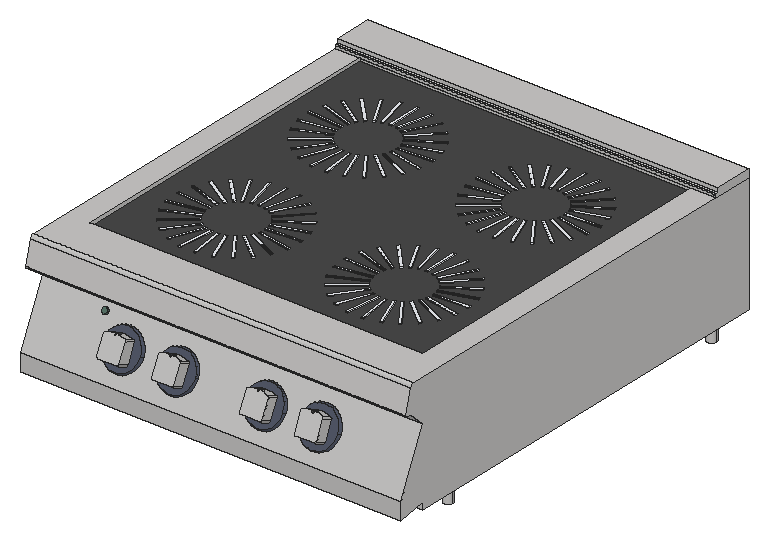
Revit family "QF_ZANUSSI_392045_Z9IREH4000", category Specialty Equipment, Revit 2018
Family settings
  Round Connector Dimension = Use Diameter
  Part Type = Normal
  Work Plane-Based = No
  Always vertical = Yes
  Cut with Voids When Loaded = No
  Shared = No
  Room Calculation Point = No
Parameters
  Width = 800 mm  # constant formula
  Weight in Pounds = 69  # constant formula
  Weight = 0.00 kg
  Watts = 0 W
  Volts = 400 V  # constant formula
  URL Manufacturer = "http://www.zanussiprofessional.com"
  URL Cutsheet = "www.electrolux.com/foodservice"
  URL = "http://www.zanussiprofessional.com"
  Type Mark [instance] = ""
  Steam Supply Size = 0"
  Steam Supply Minimum Pressure = 0.00 psi
  Steam Supply Maximum Pressure = 0.00 psi
  Steam Pounds per Hour = 0
  Status [instance] = ""
  Specification by User [instance] = ""
  Specification by Manufacturer = ""
  Show Logo [instance] = yes
  Show Clearance [instance] = yes
  Serial Number = ""
  Seismic Rating = ""
  SMACNA No = ""
  Revision Code [instance] = ""
  Refrigeration Suction Line Size = 0"
  Refrigeration Liquid Line Size = 0"
  Refrigerant Compressor Remote = yes
  Phase = 3  # constant formula
  Omniclass Number and Title = ""
  Number of Poles [instance] = 1
  NAFEM Spec ID Number = ""
  Model = "Z9IREH4000"
  Min Ckt Ampacity = 0 A
  Max Overcurrent Protection = 0 A
  Masterspec = ""
  Manufacturer = "Zanussi"
  Length Actual = 800 mm  # constant formula
  Item Number [instance] = "392045"
  Installed By [instance] = ""
  Identify Quantity as Lot [instance] = yes
  Hot Water Size = 0"
  Height Actual = 250 mm  # constant formula
  Height = 290 mm  # constant formula
  HP = "18.2 HP"
  Gas Size = 0"
  Gas KW = 0
  Gas Input Pressure = 0.0 Btu/h
  Furnished By [instance] = ""
  Foodservice Equipment Identifier [instance] = yes
  FL Amps = if(Phase = 3, Watts / (Volts * 1.73), Watts / Volts)  # 0 A
  Electrical Remarks [instance] = "400 V/3 ph/50/60 Hz"  # constant formula
  Electric Connection Type [instance] = ""
  Elec Conn RI Height [instance] = 0 mm
  Elec Conn Connection Height [instance] = 0 mm
  Direct Waste Size = 0"
  Description = "ELECTRIC INFRARED COOKING TOP 800 MM"
  Depth Actual = 900 mm  # constant formula
  Depth = 915 mm  # constant formula
  Cycle = if([60 Hertz Option], 60 Hz, 50 Hz)  # 60 Hz
  Conn Plug = ""
  Conn Conduit = yes
  Condensate Return Size = 0"
  Compressed Air Volume = 0 GPM
  Compressed Air Size = 0"
  Compressed Air Pressure = 0.00 psi
  Cold Water Size = 0"
  CSI MasterFormat = ""
  CSI Master Format = ""
  Base Height [instance] = 24 mm  # constant formula
  Apparent Power = if(Phase = 3, Volts * FL Amps * 1.73, Volts * FL Amps)  # 0 VA
  Accessory = yes
  60 Hertz Option = not([50 Hertz Option])  # yes
  50 Hertz Option = no
Reference planes
  plane 1 "BACK": y = 0
  plane 2: z = 0
  plane 3 "LEFT": x = 0
  plane 4 "RIGHT": x = 800
  plane 5 "FRONT": y = -915
  plane 6 "TOP": z = 290
  plane 7 "Center Y": x = 400
  plane 8 "Center X": y = -450
  plane 9 "BASE": z = 24
  plane 10 "TOP A": z = 274
  plane 11: y = -790
  plane 12: y = -82
  plane 13: z = 55
  plane 14: y = 39
Forms (mm)
  Extrusion 1, solid, material "QF_Finishes_Stainless Steel"
    sketch origin (0, 0, 0) x (0, 1, 0) y (0, 0, 1)
      loop
        line (0, 24) -> (0, 274) -> (-879.358, 274)
        arc (-879.358, 274) -> (-884.643, 271.811) -> (-886.833, 266.526) r 7.474
        line (-886.833, 266.526) -> (-899.884, 221.011)
        arc (-899.884, 221.011) -> (-899.396, 218.379) -> (-897, 217.184) r 3
        line (-897, 217.184) -> (-886.802, 217.184) -> (-854.982, 185.364) -> (-915, 64.508) -> (-915, 29.508) -> (-858.645, 37.428)
        arc (-858.645, 37.428) -> (-856.101, 36.674) -> (-855, 34.259) r 3.2
        line (-855, 34.259) -> (-855, 24) -> (0, 24)
    from 0 to 800
  Extrusion 2, void
    sketch origin (0, 0, 274) x (-1, 0, 0) y (0, -1, 0)
      loop
        line (-50, 85) -> (-50, 795) -> (-750, 795) -> (-750, 85) -> (-50, 85)
    from 0 to -6.35
  Extrusion 3, solid, material "QF_Finishes_Stainless Steel"
    sketch origin (0, 0, 0) x (1, 0, 0) y (0, 1, 0)
      loop
        circle (11.112, -82) r 9.525
      loop
        circle (788.887, -82) r 9.525
    from 0 to 24
  Extrusion 4, solid, material "QF_Clearances", visible <- "Show Clearance", detail levels coarse
    sketch origin (0, 0, 0) x (1, 0, 0) y (0, 1, 0)
      loop
        line (0, -915) -> (0, 0) -> (800, 0) -> (800, -915) -> (950.019, -915) -> (950.019, 150.019) -> (-150.019, 150.019) -> (-150.019, -915) -> (0, -915)
    from 0 to 290
  Extrusion 5, solid, material "QF_Finishes_Stainless Steel"
    sketch origin (0, -192.116, 267.65) x (-1, 0, 0) y (0, -1, 0)
      loop
        circle (-11.112, 582.884) r 9.525
      loop
        circle (-788.887, 582.884) r 9.525
    from -267.65 to -243.65
  Extrusion 6, solid, material "QF_Finishes_Stainless Steel"
    sketch origin (800, 0, 0) x (0, 1, 0) y (0, 0, 1)
      loop
        line (0, 290) -> (-80, 290) -> (-80, 282.447)
        arc (-80, 282.447) -> (-80.635, 280.914) -> (-82.167, 280.279) r 2.167
        line (-82.167, 280.279) -> (-83.733, 280.279)
        arc (-83.733, 280.279) -> (-84.629, 279.908) -> (-85, 279.012) r 1.267
        line (-85, 279.012) -> (-85, 274) -> (0, 274) -> (0, 290)
    from -800 to 0
  Revolve 7, solid, material "QF_Finishes_Stainless Steel"
    sketch origin (740, 0, 0) x (0, 1, 0) y (0, 0, 1)
      loop
        line (0, 55) -> (39, 55) -> (39, 71.995) -> (5, 71.995) -> (5, 65) -> (0, 65) -> (0, 55)
      axis (39, 55) -> (0, 55)
    angle from 0 to 360
  Blend 8, solid, material "QF_Finishes_Navy Blue"
    base sketch origin (192.5, -884.991, 124.936) x (1, 0, 0) y (0, 0.444781, 0.895639)
      loop
        circle (0, 0) r 42.5
    top sketch origin (192.5, -884.991, 124.936) x (1, 0, 0) y (0, 0.444781, 0.895639)
      loop
        circle (0, 0) r 40.5
    from 0 to 5
  Extrusion 9, solid, material "QF_Finishes_Stainless Steel"
    sketch origin (192.5, -884.991, 124.936) x (1, 0, 0) y (0, 0.444781, 0.895639)
      loop
        arc (-21.147, 22.789) -> (-22.494, 21.685) -> (-23, 20.019) r 2.997
        line (-23, 20.019) -> (-23, -20.019)
        arc (-23, -20.019) -> (-22.122, -22.138) -> (-20.003, -23.016) r 2.997
        line (-20.003, -23.016) -> (20.003, -23.016)
        arc (20.003, -23.016) -> (22.122, -22.138) -> (23, -20.019) r 2.997
        line (23, -20.019) -> (23, 20.019)
        arc (23, 20.019) -> (22.494, 21.685) -> (21.147, 22.789) r 2.997
        arc (21.147, 22.789) -> (0, 26.984) -> (-21.147, 22.789) r 55.4
    from 10 to 34
  Extrusion 10, solid, material "QF_Plastic-Black-Matte"
    sketch origin (250, -884.991, 124.936) x (0, 0.444781, 0.895639) y (0, -0.895639, 0.444781)
      loop
        line (26.984, 34) -> (26.984, 19) -> (27.984, 19) -> (27.984, 34)
        arc (27.984, 34) -> (27.691, 34.707) -> (26.984, 35) r 1
        line (26.984, 35) -> (23.984, 35) -> (23.984, 34) -> (26.984, 34)
    from -58.5 to -56.5
  Extrusion 11, solid, material "QF_Finishes_DarkGreen"
    sketch origin (192.5, -862.752, 169.718) x (1, 0, 0) y (0, 0.444781, 0.895639)
      loop
        circle (-55.001, 0) r 6
    from 0 to 1.6
  Extrusion 12, solid, material "QF_Finishes_Stainless Steel"
    sketch origin (192.5, -884.991, 124.936) x (1, 0, 0) y (0, 0.444781, 0.895639)
      loop
        line (17.5, 17.5) -> (-17.5, 17.5) -> (-17.5, -17.5) -> (17.5, -17.5) -> (17.5, 17.5)
    from 5 to 10
  Blend 13, solid, material "QF_Finishes_Navy Blue"
    base sketch origin (307.5, -884.991, 124.936) x (1, 0, 0) y (0, 0.444781, 0.895639)
      loop
        circle (0, 0) r 42.5
    top sketch origin (307.5, -884.991, 124.936) x (1, 0, 0) y (0, 0.444781, 0.895639)
      loop
        circle (0, 0) r 40.5
    from 0 to 5
  Extrusion 14, solid, material "QF_Finishes_Stainless Steel"
    sketch origin (307.5, -884.991, 124.936) x (1, 0, 0) y (0, 0.444781, 0.895639)
      loop
        arc (-21.147, 22.789) -> (-22.494, 21.685) -> (-23, 20.019) r 2.997
        line (-23, 20.019) -> (-23, -20.019)
        arc (-23, -20.019) -> (-22.122, -22.138) -> (-20.003, -23.016) r 2.997
        line (-20.003, -23.016) -> (20.003, -23.016)
        arc (20.003, -23.016) -> (22.122, -22.138) -> (23, -20.019) r 2.997
        line (23, -20.019) -> (23, 20.019)
        arc (23, 20.019) -> (22.494, 21.685) -> (21.147, 22.789) r 2.997
        arc (21.147, 22.789) -> (0, 26.984) -> (-21.147, 22.789) r 55.4
    from 10 to 34
  Extrusion 15, solid, material "QF_Finishes_Stainless Steel"
    sketch origin (307.5, -884.991, 124.936) x (1, 0, 0) y (0, 0.444781, 0.895639)
      loop
        line (17.5, 17.5) -> (-17.5, 17.5) -> (-17.5, -17.5) -> (17.5, -17.5) -> (17.5, 17.5)
    from 5 to 10
  Extrusion 16, solid, material "QF_Plastic-Black-Matte"
    sketch origin (250, -884.991, 124.936) x (0, 0.444781, 0.895639) y (0, 0.895639, -0.444781)
      loop
        line (26.984, -34) -> (23.984, -34) -> (23.984, -35) -> (26.984, -35)
        arc (26.984, -35) -> (27.691, -34.707) -> (27.984, -34) r 1
        line (27.984, -34) -> (27.984, -19) -> (26.984, -19) -> (26.984, -34)
    from -58.5 to -56.5
  Blend 17, solid, material "QF_Finishes_Navy Blue"
    base sketch origin (492.5, -884.991, 124.936) x (1, 0, 0) y (0, 0.444781, 0.895639)
      loop
        circle (0, 0) r 42.5
    top sketch origin (492.5, -884.991, 124.936) x (1, 0, 0) y (0, 0.444781, 0.895639)
      loop
        circle (0, 0) r 40.5
    from 0 to 5
  Extrusion 18, solid, material "QF_Finishes_Stainless Steel"
    sketch origin (492.5, -884.991, 124.936) x (1, 0, 0) y (0, 0.444781, 0.895639)
      loop
        arc (-21.147, 22.789) -> (-22.494, 21.685) -> (-23, 20.019) r 2.997
        line (-23, 20.019) -> (-23, -20.019)
        arc (-23, -20.019) -> (-22.122, -22.138) -> (-20.003, -23.016) r 2.997
        line (-20.003, -23.016) -> (20.003, -23.016)
        arc (20.003, -23.016) -> (22.122, -22.138) -> (23, -20.019) r 2.997
        line (23, -20.019) -> (23, 20.019)
        arc (23, 20.019) -> (22.494, 21.685) -> (21.147, 22.789) r 2.997
        arc (21.147, 22.789) -> (0, 26.984) -> (-21.147, 22.789) r 55.4
    from 10 to 34
  Extrusion 19, solid, material "QF_Plastic-Black-Matte"
    sketch origin (550, -884.991, 124.936) x (0, 0.444781, 0.895639) y (0, -0.895639, 0.444781)
      loop
        line (26.984, 34) -> (26.984, 19) -> (27.984, 19) -> (27.984, 34)
        arc (27.984, 34) -> (27.691, 34.707) -> (26.984, 35) r 1
        line (26.984, 35) -> (23.984, 35) -> (23.984, 34) -> (26.984, 34)
    from -58.5 to -56.5
  Extrusion 20, solid, material "QF_Finishes_Stainless Steel"
    sketch origin (492.5, -884.991, 124.936) x (1, 0, 0) y (0, 0.444781, 0.895639)
      loop
        line (17.5, 17.5) -> (-17.5, 17.5) -> (-17.5, -17.5) -> (17.5, -17.5) -> (17.5, 17.5)
    from 5 to 10
  Blend 21, solid, material "QF_Finishes_Navy Blue"
    base sketch origin (607.5, -884.991, 124.936) x (1, 0, 0) y (0, 0.444781, 0.895639)
      loop
        circle (0, 0) r 42.5
    top sketch origin (607.5, -884.991, 124.936) x (1, 0, 0) y (0, 0.444781, 0.895639)
      loop
        circle (0, 0) r 40.5
    from 0 to 5
  Extrusion 22, solid, material "QF_Finishes_Stainless Steel"
    sketch origin (607.5, -884.991, 124.936) x (1, 0, 0) y (0, 0.444781, 0.895639)
      loop
        arc (-21.147, 22.789) -> (-22.494, 21.685) -> (-23, 20.019) r 2.997
        line (-23, 20.019) -> (-23, -20.019)
        arc (-23, -20.019) -> (-22.122, -22.138) -> (-20.003, -23.016) r 2.997
        line (-20.003, -23.016) -> (20.003, -23.016)
        arc (20.003, -23.016) -> (22.122, -22.138) -> (23, -20.019) r 2.997
        line (23, -20.019) -> (23, 20.019)
        arc (23, 20.019) -> (22.494, 21.685) -> (21.147, 22.789) r 2.997
        arc (21.147, 22.789) -> (0, 26.984) -> (-21.147, 22.789) r 55.4
    from 10 to 34
  Extrusion 23, solid, material "QF_Finishes_Stainless Steel"
    sketch origin (607.5, -884.991, 124.936) x (1, 0, 0) y (0, 0.444781, 0.895639)
      loop
        line (17.5, 17.5) -> (-17.5, 17.5) -> (-17.5, -17.5) -> (17.5, -17.5) -> (17.5, 17.5)
    from 5 to 10
  Extrusion 24, solid, material "QF_Plastic-Black-Matte"
    sketch origin (550, -884.991, 124.936) x (0, 0.444781, 0.895639) y (0, 0.895639, -0.444781)
      loop
        line (26.984, -34) -> (23.984, -34) -> (23.984, -35) -> (26.984, -35)
        arc (26.984, -35) -> (27.691, -34.707) -> (27.984, -34) r 1
        line (27.984, -34) -> (27.984, -19) -> (26.984, -19) -> (26.984, -34)
    from -58.5 to -56.5
Cuts and joins
  Extrusion 2 cuts Extrusion 1
Lines and regions (mm)
  Split face 1
    outline origin (192.401, -889.469, 127.16) x (1, 0, 0) y (0, 0.444781, 0.895639)
      loop
        line (-8.901, 38.561) -> (-8.901, 28.561) -> (-2.901, 28.561) -> (-2.901, 38.561) -> (-8.901, 38.561)
  Split face 2
    outline origin (192.401, -889.469, 127.16) x (1, 0, 0) y (0, 0.444781, 0.895639)
      loop
        line (-8.401, 38.061) -> (-8.401, 29.061) -> (-3.401, 29.061) -> (-3.401, 38.061) -> (-8.401, 38.061)
  Split face 3
    outline origin (192.401, -889.469, 127.16) x (1, 0, 0) y (0, 0.444781, 0.895639)
      loop
        line (-8.401, 34.061) -> (-3.401, 34.061)
  Split face 4
    outline origin (192.401, -889.469, 127.16) x (1, 0, 0) y (0, 0.444781, 0.895639)
      loop
        line (-8.401, 33.561) -> (-3.401, 33.561)
  Split face 5
    outline origin (192.401, -889.469, 127.16) x (1, 0, 0) y (0, 0.444781, 0.895639)
      loop
        circle (-5.901, 31.311) r 2.029
  Split face 6
    outline origin (192.5, -889.469, 127.16) x (0, -0.444781, -0.895639) y (1, 0, 0)
      loop
        circle (-34, 0) r 1.5
  Split face 7
    outline origin (307.5, -889.469, 127.16) x (0, -0.444781, -0.895639) y (1, 0, 0)
      loop
        circle (-34, 0) r 1.5
  Split face 8
    outline origin (301.5, -889.469, 127.16) x (1, 0, 0) y (0, 0.444781, 0.895639)
      loop
        line (-3, 38.561) -> (-3, 28.561) -> (3, 28.561) -> (3, 38.561) -> (-3, 38.561)
  Split face 9
    outline origin (301.5, -889.469, 127.16) x (1, 0, 0) y (0, 0.444781, 0.895639)
      loop
        line (-2.5, 38.061) -> (-2.5, 29.061) -> (2.5, 29.061) -> (2.5, 38.061) -> (-2.5, 38.061)
  Split face 10
    outline origin (301.5, -889.469, 127.16) x (1, 0, 0) y (0, 0.444781, 0.895639)
      loop
        line (-2.5, 33.561) -> (2.5, 33.561)
  Split face 11
    outline origin (301.5, -889.469, 127.16) x (1, 0, 0) y (0, 0.444781, 0.895639)
      loop
        line (-2.5, 33.061) -> (2.5, 33.061)
  Split face 12
    outline origin (301.5, -889.469, 127.16) x (1, 0, 0) y (0, 0.444781, 0.895639)
      loop
        circle (0, 35.811) r 2.031
  Split face 13
    outline origin (192.5, -889.469, 127.16) x (0.5, 0.385192, 0.775646) y (-0.866025, 0.222391, 0.44782)
      loop
        circle (-34, 0) r 1.5
  Split face 14
    outline origin (192.5, -889.469, 127.16) x (0.766044, -0.2859, -0.575706) y (0.642788, 0.340722, 0.686099)
      loop
        circle (-34, 0) r 1.5
  Split face 15
    outline origin (192.5, -889.469, 127.16) x (0.984808, 0.077235, 0.155526) y (-0.173648, 0.438024, 0.882032)
      loop
        circle (-34, 0) r 1.5
  Split face 16
    outline origin (192.5, -889.469, 127.16) x (0.984808, 0.077235, 0.155526) y (0.173648, -0.438024, -0.882032)
      loop
        circle (31.95, 11.629) r 1.5
  Split face 17
    outline origin (192.5, -889.469, 127.16) x (-0.5, 0.385192, 0.775646) y (0.866025, 0.222391, 0.44782)
      loop
        circle (-34, 0) r 1.5
  Split face 18
    outline origin (192.5, -889.469, 127.16) x (-0.766044, -0.2859, -0.575706) y (-0.642788, 0.340722, 0.686099)
      loop
        circle (-34, 0) r 1.5
  Split face 19
    outline origin (307.5, -889.469, 127.16) x (0.5, 0.385192, 0.775646) y (-0.866025, 0.222391, 0.44782)
      loop
        circle (-34, 0) r 1.5
  Split face 20
    outline origin (307.5, -889.469, 127.16) x (0.766044, -0.2859, -0.575706) y (0.642788, 0.340722, 0.686099)
      loop
        circle (-34, 0) r 1.5
  Split face 21
    outline origin (307.5, -889.469, 127.16) x (0.984808, 0.077235, 0.155526) y (-0.173648, 0.438024, 0.882032)
      loop
        circle (-34, 0) r 1.5
  Split face 22
    outline origin (307.5, -889.469, 127.16) x (-0.5, 0.385192, 0.775646) y (0.866025, 0.222391, 0.44782)
      loop
        circle (-34, 0) r 1.5
  Split face 23
    outline origin (307.5, -889.469, 127.16) x (-0.766044, -0.2859, -0.575706) y (-0.642788, 0.340722, 0.686099)
      loop
        circle (-34, 0) r 1.5
  Split face 24
    outline origin (307.5, -889.469, 127.16) x (-0.984808, 0.077235, 0.155526) y (0.173648, 0.438024, 0.882032)
      loop
        circle (-34, 0) r 1.5
  Split face 25
    outline origin (492.401, -889.469, 127.16) x (1, 0, 0) y (0, 0.444781, 0.895639)
      loop
        line (-8.901, 38.561) -> (-8.901, 28.561) -> (-2.901, 28.561) -> (-2.901, 38.561) -> (-8.901, 38.561)
  Split face 26
    outline origin (492.401, -889.469, 127.16) x (1, 0, 0) y (0, 0.444781, 0.895639)
      loop
        line (-8.401, 38.061) -> (-8.401, 29.061) -> (-3.401, 29.061) -> (-3.401, 38.061) -> (-8.401, 38.061)
  Split face 27
    outline origin (492.401, -889.469, 127.16) x (1, 0, 0) y (0, 0.444781, 0.895639)
      loop
        line (-8.401, 34.061) -> (-3.401, 34.061)
  Split face 28
    outline origin (492.401, -889.469, 127.16) x (1, 0, 0) y (0, 0.444781, 0.895639)
      loop
        line (-8.401, 33.561) -> (-3.401, 33.561)
  Split face 29
    outline origin (492.401, -889.469, 127.16) x (1, 0, 0) y (0, 0.444781, 0.895639)
      loop
        circle (-5.901, 31.311) r 2.029
  Split face 30
    outline origin (492.5, -889.469, 127.16) x (0, -0.444781, -0.895639) y (1, 0, 0)
      loop
        circle (-34, 0) r 1.5
  Split face 31
    outline origin (607.5, -889.469, 127.16) x (0, -0.444781, -0.895639) y (1, 0, 0)
      loop
        circle (-34, 0) r 1.5
  Split face 32
    outline origin (601.5, -889.469, 127.16) x (1, 0, 0) y (0, 0.444781, 0.895639)
      loop
        line (-3, 38.561) -> (-3, 28.561) -> (3, 28.561) -> (3, 38.561) -> (-3, 38.561)
  Split face 33
    outline origin (601.5, -889.469, 127.16) x (1, 0, 0) y (0, 0.444781, 0.895639)
      loop
        line (-2.5, 38.061) -> (-2.5, 29.061) -> (2.5, 29.061) -> (2.5, 38.061) -> (-2.5, 38.061)
  Split face 34
    outline origin (601.5, -889.469, 127.16) x (1, 0, 0) y (0, 0.444781, 0.895639)
      loop
        line (-2.5, 33.561) -> (2.5, 33.561)
  Split face 35
    outline origin (601.5, -889.469, 127.16) x (1, 0, 0) y (0, 0.444781, 0.895639)
      loop
        line (-2.5, 33.061) -> (2.5, 33.061)
  Split face 36
    outline origin (601.5, -889.469, 127.16) x (1, 0, 0) y (0, 0.444781, 0.895639)
      loop
        circle (0, 35.811) r 2.031
  Split face 37
    outline origin (492.5, -889.469, 127.16) x (0.5, 0.385192, 0.775646) y (-0.866025, 0.222391, 0.44782)
      loop
        circle (-34, 0) r 1.5
  Split face 38
    outline origin (492.5, -889.469, 127.16) x (0.766044, -0.2859, -0.575706) y (0.642788, 0.340722, 0.686099)
      loop
        circle (-34, 0) r 1.5
  Split face 39
    outline origin (492.5, -889.469, 127.16) x (0.984808, 0.077235, 0.155526) y (-0.173648, 0.438024, 0.882032)
      loop
        circle (-34, 0) r 1.5
  Split face 40
    outline origin (492.5, -889.469, 127.16) x (0.984808, 0.077235, 0.155526) y (0.173648, -0.438024, -0.882032)
      loop
        circle (31.95, 11.629) r 1.5
  Split face 41
    outline origin (492.5, -889.469, 127.16) x (-0.5, 0.385192, 0.775646) y (0.866025, 0.222391, 0.44782)
      loop
        circle (-34, 0) r 1.5
  Split face 42
    outline origin (492.5, -889.469, 127.16) x (-0.766044, -0.2859, -0.575706) y (-0.642788, 0.340722, 0.686099)
      loop
        circle (-34, 0) r 1.5
  Split face 43
    outline origin (607.5, -889.469, 127.16) x (0.5, 0.385192, 0.775646) y (-0.866025, 0.222391, 0.44782)
      loop
        circle (-34, 0) r 1.5
  Split face 44
    outline origin (607.5, -889.469, 127.16) x (0.766044, -0.2859, -0.575706) y (0.642788, 0.340722, 0.686099)
      loop
        circle (-34, 0) r 1.5
  Split face 45
    outline origin (607.5, -889.469, 127.16) x (0.984808, 0.077235, 0.155526) y (-0.173648, 0.438024, 0.882032)
      loop
        circle (-34, 0) r 1.5
  Split face 46
    outline origin (607.5, -889.469, 127.16) x (-0.5, 0.385192, 0.775646) y (0.866025, 0.222391, 0.44782)
      loop
        circle (-34, 0) r 1.5
  Split face 47
    outline origin (607.5, -889.469, 127.16) x (-0.766044, -0.2859, -0.575706) y (-0.642788, 0.340722, 0.686099)
      loop
        circle (-34, 0) r 1.5
  Split face 48
    outline origin (607.5, -889.469, 127.16) x (-0.984808, 0.077235, 0.155526) y (0.173648, 0.438024, 0.882032)
      loop
        circle (-34, 0) r 1.5
  symbolic lines, style "QF_Clearances", visible <- "Show Clearance", detail levels coarse
    curve 1: line (-150.019, 150.019, 274) -> (-150.019, -916.377, 274)
    curve 2: line (950.019, 150.019, 274) -> (-150.019, 150.019, 274)
    curve 3: line (950.019, -916.377, 274) -> (950.019, 150.019, 274)
  symbolic lines
    curve 4: line (0, 0, 274) -> (800, 0, 274)
    curve 5: line (0, -915, 274) -> (0, 0, 274)
    curve 6: line (800, 0, 274) -> (800, -915, 274)
    curve 7: line (726.512, -348.642, 267.65) -> (738.006, -348.642, 267.65)
    curve 8: line (726.512, -380.898, 267.65) -> (726.512, -348.642, 267.65)
    curve 9: line (738.006, -380.898, 267.65) -> (726.512, -380.898, 267.65)
    curve 10: line (738.006, -348.642, 267.65) -> (738.006, -380.898, 267.65)
    curve 11: line (50, -795, 267.65) -> (50, -110, 267.65)
    curve 12: line (50, -110, 267.65) -> (750, -110, 267.65)
    curve 13: line (750, -110, 267.65) -> (750, -795, 267.65)
    curve 14: line (750, -795, 267.65) -> (50, -795, 267.65)
    curve 15: line (0, -85, 267.65) -> (800, -85, 267.65)
    curve 16: line (0, -80, 267.65) -> (800, -80, 267.65)
    curve 17: line (0, -900, 0) -> (800, -900, 0)
    curve 18: line (169.5, -900, 0) -> (169.5, -924.347, 0)
    curve 19: arc (169.5, -924.347, 0) -> (169.646, -924.811, 0) -> (170.032, -925.107, 0) r 0.809
    curve 20: arc (170.032, -925.107, 0) -> (171.22, -925.587, 0) -> (172.497, -925.68, 0) r 4.127
    curve 21: arc (169.5, -904.292, 0) -> (164.459, -902.458, 0) -> (159.691, -900, 0) r 42.24
    curve 22: arc (169.5, -906.539, 0) -> (170.002, -905.818, 0) -> (170.799, -905.448, 0) r 1.682
    curve 23: arc (170.799, -905.448, 0) -> (181.102, -903.95, 0) -> (191.5, -903.441, 0) r 109.079
    curve 24: line (191.5, -900, 0) -> (191.5, -905.671, 0)
    curve 25: line (191.5, -905.671, 0) -> (193.5, -905.671, 0)
    curve 26: line (193.5, -905.671, 0) -> (193.5, -900, 0)
    curve 27: line (215.5, -900, 0) -> (215.5, -924.347, 0)
    curve 28: arc (215.5, -924.347, 0) -> (215.354, -924.811, 0) -> (214.968, -925.107, 0) r 0.809
    curve 29: arc (214.968, -925.107, 0) -> (213.78, -925.587, 0) -> (212.503, -925.68, 0) r 4.127
    curve 30: arc (215.5, -904.292, 0) -> (220.541, -902.458, 0) -> (225.309, -900, 0) r 42.24
    curve 31: arc (215.5, -906.539, 0) -> (214.998, -905.818, 0) -> (214.201, -905.448, 0) r 1.682
    curve 32: arc (214.201, -905.448, 0) -> (203.898, -903.95, 0) -> (193.5, -903.441, 0) r 109.079
    curve 33: line (172.497, -925.68, 0) -> (212.503, -925.68, 0)
    curve 34: line (330.5, -900, 0) -> (330.5, -924.347, 0)
    curve 35: arc (330.5, -924.347, 0) -> (330.354, -924.811, 0) -> (329.968, -925.107, 0) r 0.809
    curve 36: arc (329.968, -925.107, 0) -> (328.78, -925.587, 0) -> (327.503, -925.68, 0) r 4.127
    curve 37: arc (330.5, -904.292, 0) -> (335.541, -902.458, 0) -> (340.309, -900, 0) r 42.24
    curve 38: arc (330.5, -906.539, 0) -> (329.998, -905.818, 0) -> (329.201, -905.448, 0) r 1.682
    curve 39: arc (329.201, -905.448, 0) -> (318.898, -903.95, 0) -> (308.5, -903.441, 0) r 109.079
    curve 40: line (308.5, -900, 0) -> (308.5, -905.671, 0)
    curve 41: line (308.5, -905.671, 0) -> (306.5, -905.671, 0)
    curve 42: line (306.5, -905.671, 0) -> (306.5, -900, 0)
    curve 43: line (284.5, -900, 0) -> (284.5, -924.347, 0)
    curve 44: arc (284.5, -924.347, 0) -> (284.646, -924.811, 0) -> (285.032, -925.107, 0) r 0.809
    curve 45: arc (285.032, -925.107, 0) -> (286.22, -925.587, 0) -> (287.497, -925.68, 0) r 4.127
    curve 46: arc (284.5, -904.292, 0) -> (279.459, -902.458, 0) -> (274.691, -900, 0) r 42.24
    curve 47: arc (284.5, -906.539, 0) -> (285.002, -905.818, 0) -> (285.799, -905.448, 0) r 1.682
    curve 48: arc (285.799, -905.448, 0) -> (296.102, -903.95, 0) -> (306.5, -903.441, 0) r 109.079
    curve 49: line (327.503, -925.68, 0) -> (287.497, -925.68, 0)
    curve 50: line (215.5, -915, 0) -> (284.5, -915, 0)
    curve 51: line (330.5, -915, 0) -> (469.5, -915, 0)
    curve 52: line (0, -915, 0) -> (169.5, -915, 0)
    curve 53: line (469.5, -900, 0) -> (469.5, -924.347, 0)
    curve 54: arc (469.5, -924.347, 0) -> (469.646, -924.811, 0) -> (470.032, -925.107, 0) r 0.809
    curve 55: arc (470.032, -925.107, 0) -> (471.22, -925.587, 0) -> (472.497, -925.68, 0) r 4.127
    curve 56: arc (469.5, -904.292, 0) -> (464.459, -902.458, 0) -> (459.691, -900, 0) r 42.24
    curve 57: arc (469.5, -906.539, 0) -> (470.002, -905.818, 0) -> (470.799, -905.448, 0) r 1.682
    curve 58: arc (470.799, -905.448, 0) -> (481.102, -903.95, 0) -> (491.5, -903.441, 0) r 109.079
    curve 59: line (491.5, -900, 0) -> (491.5, -905.671, 0)
    curve 60: line (491.5, -905.671, 0) -> (493.5, -905.671, 0)
    curve 61: line (493.5, -905.671, 0) -> (493.5, -900, 0)
    curve 62: line (515.5, -900, 0) -> (515.5, -924.347, 0)
    curve 63: arc (515.5, -924.347, 0) -> (515.354, -924.811, 0) -> (514.968, -925.107, 0) r 0.809
    curve 64: arc (514.968, -925.107, 0) -> (513.78, -925.587, 0) -> (512.503, -925.68, 0) r 4.127
    curve 65: arc (515.5, -904.292, 0) -> (520.541, -902.458, 0) -> (525.309, -900, 0) r 42.24
    curve 66: arc (515.5, -906.539, 0) -> (514.998, -905.818, 0) -> (514.201, -905.448, 0) r 1.682
    curve 67: arc (514.201, -905.448, 0) -> (503.898, -903.95, 0) -> (493.5, -903.441, 0) r 109.079
    curve 68: line (472.497, -925.68, 0) -> (512.503, -925.68, 0)
    curve 69: line (630.5, -900, 0) -> (630.5, -924.347, 0)
    curve 70: arc (630.5, -924.347, 0) -> (630.354, -924.811, 0) -> (629.968, -925.107, 0) r 0.809
    curve 71: arc (629.968, -925.107, 0) -> (628.78, -925.587, 0) -> (627.503, -925.68, 0) r 4.127
    curve 72: arc (630.5, -904.292, 0) -> (635.541, -902.458, 0) -> (640.309, -900, 0) r 42.24
    curve 73: arc (630.5, -906.539, 0) -> (629.998, -905.818, 0) -> (629.201, -905.448, 0) r 1.682
    curve 74: arc (629.201, -905.448, 0) -> (618.898, -903.95, 0) -> (608.5, -903.441, 0) r 109.079
    curve 75: line (608.5, -900, 0) -> (608.5, -905.671, 0)
    curve 76: line (608.5, -905.671, 0) -> (606.5, -905.671, 0)
    curve 77: line (606.5, -905.671, 0) -> (606.5, -900, 0)
    curve 78: line (584.5, -900, 0) -> (584.5, -924.347, 0)
    curve 79: arc (584.5, -924.347, 0) -> (584.646, -924.811, 0) -> (585.032, -925.107, 0) r 0.809
    curve 80: arc (585.032, -925.107, 0) -> (586.22, -925.587, 0) -> (587.497, -925.68, 0) r 4.127
    curve 81: arc (584.5, -904.292, 0) -> (579.459, -902.458, 0) -> (574.691, -900, 0) r 42.24
    curve 82: arc (584.5, -906.539, 0) -> (585.002, -905.818, 0) -> (585.799, -905.448, 0) r 1.682
    curve 83: arc (585.799, -905.448, 0) -> (596.102, -903.95, 0) -> (606.5, -903.441, 0) r 109.079
    curve 84: line (627.503, -925.68, 0) -> (587.497, -925.68, 0)
    curve 85: line (515.5, -915, 0) -> (584.5, -915, 0)
    curve 86: line (630.5, -915, 0) -> (800.05, -915, 0)
Dimensions and locks
  equal spacing: plane 3 "LEFT", plane 7 "Center Y", plane 4 "RIGHT"
  "Width": plane 3 "LEFT" to plane 4 "RIGHT"
  plane 5 "FRONT" to plane 8 "Center X" to plane 1 "BACK" = 465 mm, 450 mm
  "Depth": plane 5 "FRONT" to plane 1 "BACK"
  "Height": plane 6 "TOP" to level
  "Base Height": plane 9 "BASE" to level
  plane 1 "BACK" to plane 5 "FRONT" = 915 mm
  plane 10 "TOP A" to plane 9 "BASE" = 250 mm  (x2)
  locked: plane 5 "FRONT" to Extrusion 2 sketch curve at 120
  plane 1 "BACK" to plane 12 = 82 mm
  locked: plane 12 to plane 11 at 708
  plane 6 "TOP" to level = 290 mm
  plane 9 "BASE" to level = 24 mm
  plane 11 to plane 12 to plane 1 "BACK" = 708 mm, 82 mm
  plane 9 "BASE" to plane 2 = 24 mm
  plane 13 to plane 2 = 55 mm
  plane 1 "BACK" to plane 14 = 39 mm
  aligned and locked: level to plane 2
  aligned and locked: plane 4 "RIGHT" to Extrusion 1
  aligned and locked: Extrusion 3 to plane 9 "BASE"
  aligned and locked: plane 6 "TOP" to Extrusion 4
  aligned and locked: plane 9 "BASE" to Extrusion 5
  aligned and locked: Extrusion 6 to plane 3 "LEFT"
  aligned and locked: plane 4 "RIGHT" to Extrusion 6
  aligned and locked: Extrusion 5 to level
Automatic sketch dimensions
  plane 12 to Extrusion 2 sketch curve = 3 mm
  Extrusion 2 sketch curve to plane 4 "RIGHT" = 50 mm
  plane 3 "LEFT" to Extrusion 2 sketch curve = 50 mm
  plane 12 to Extrusion 3 sketch curve = 0 mm  (x2)
  plane 3 "LEFT" to Extrusion 3 sketch curve = 11.112 mm
  Extrusion 3 sketch curve to plane 4 "RIGHT" = 11.113 mm
  plane 1 "BACK" to Extrusion 4 sketch curve = 0 mm
  Extrusion 4 sketch curve to plane 3 "LEFT" = 0 mm
  Extrusion 4 sketch curve to plane 4 "RIGHT" = 0 mm
  Extrusion 4 sketch curve to plane 3 "LEFT" = 150.019 mm
  plane 5 "FRONT" to Extrusion 4 sketch curve = 0 mm  (x2)
  plane 4 "RIGHT" to Extrusion 4 sketch curve = 150.019 mm
  Extrusion 4 sketch curve to plane 14 = 111.019 mm
  curve 6 to plane 4 "RIGHT" = 0 mm
  curve 5 to plane 3 "LEFT" = 0 mm
  plane 1 "BACK" to curve 5 = 0 mm
  plane 4 "RIGHT" to curve 3 = 150.019 mm
  plane 5 "FRONT" to curve 1 = 1.377 mm
  curve 1 to plane 3 "LEFT" = 150.019 mm
  curve 1 to plane 14 = 111.019 mm
  plane 5 "FRONT" to curve 3 = 1.377 mm
  Extrusion 2 to curve 15 = 0 mm
  curve 14 to Extrusion 2 = 0 mm  (x3)
  Extrusion 2 to curve 16 = 5 mm
  Extrusion 2 to curve 16 = 50 mm  (x2)
  curve 15 to curve 16 = 0 mm  (x2)
  curve 10 to Extrusion 2 = 11.994 mm
  curve 9 to curve 8 = 11.495 mm
  curve 13 to Extrusion 2 = 25 mm
  curve 12 to curve 7 = 238.642 mm
  curve 7 to curve 9 = 32.256 mm
  Extrusion 2 to Extrusion 5 sketch curve = 38.887 mm
  Extrusion 2 to Extrusion 5 sketch curve = 38.888 mm
  Extrusion 5 sketch curve to Extrusion 2 = 20 mm  (x2)
  Extrusion 6 sketch curve to plane 10 "TOP A" = 0 mm
  Extrusion 6 sketch curve to plane 6 "TOP" = 0 mm
  Extrusion 6 sketch curve to plane 1 "BACK" = 0 mm
  Extrusion 6 sketch curve to plane 12 = 2 mm
  plane 12 to Extrusion 6 sketch curve = 0.167 mm
  Extrusion 6 sketch curve to Extrusion 6 sketch curve = 1.566 mm
  plane 12 to Extrusion 6 sketch curve = 3 mm
  Extrusion 6 sketch curve to Extrusion 6 sketch curve = 5.012 mm
  Revolve 7 sketch curve to plane 13 = 0 mm  (x2)
  Revolve 7 sketch curve to plane 1 "BACK" = 0 mm
  Revolve 7 sketch curve to plane 14 = 0 mm
  plane 1 "BACK" to Revolve 7 sketch curve = 15 mm
  Revolve 7 sketch curve to Revolve 7 sketch curve = 15 mm
  Revolve 7 sketch curve to plane 1 "BACK" = 5 mm
  plane 13 to Revolve 7 sketch curve = 10 mm
  Revolve 7 sketch curve to Revolve 7 sketch curve = 6.995 mm
  Extrusion 1 sketch curve to plane 10 "TOP A" = 0 mm
  Extrusion 1 sketch curve to plane 9 "BASE" = 0 mm
  plane 9 "BASE" to Extrusion 1 sketch curve = 5.508 mm
  plane 5 "FRONT" to Extrusion 1 sketch curve = 0 mm
  Extrusion 1 sketch curve to plane 10 "TOP A" = 52.989 mm
  Extrusion 1 sketch curve to Extrusion 1 sketch curve = 15.116 mm
  Extrusion 1 sketch curve to Extrusion 1 sketch curve = 2.884 mm
  Extrusion 1 sketch curve to plane 10 "TOP A" = 7.474 mm
  Extrusion 1 sketch curve to Extrusion 1 sketch curve = 13.051 mm
  Extrusion 1 sketch curve to Extrusion 1 sketch curve = 10.198 mm
  plane 9 "BASE" to Extrusion 1 sketch curve = 13.428 mm
  Extrusion 1 sketch curve to Extrusion 1 sketch curve = 56.355 mm
  Extrusion 1 sketch curve to Extrusion 1 sketch curve = 0.445 mm
  Extrusion 1 sketch curve to Extrusion 1 sketch curve = 3.2 mm
  Extrusion 1 sketch curve to plane 10 "TOP A" = 88.636 mm
  Extrusion 1 sketch curve to Extrusion 1 sketch curve = 31.82 mm
  Extrusion 1 sketch curve to plane 11 = 790 mm
  plane 13 to Extrusion 1 sketch curve = 9.508 mm
  Extrusion 1 sketch curve to Extrusion 1 sketch curve = 3.827 mm
  Split face 1 sketch curve to Split face 1 sketch curve = 6 mm
  Split face 1 sketch curve to Split face 1 sketch curve = 10 mm
  Split face 2 sketch curve to Split face 2 sketch curve = 5 mm
  Split face 2 sketch curve to Split face 2 sketch curve = 9 mm
  Split face 3 sketch curve to Split face 3 sketch curve = 5 mm
  Split face 4 sketch curve to Split face 4 sketch curve = 5 mm
  Split face 8 sketch curve to Split face 8 sketch curve = 6 mm
  Split face 8 sketch curve to Split face 8 sketch curve = 10 mm
  Split face 9 sketch curve to Split face 9 sketch curve = 5 mm
  Split face 9 sketch curve to Split face 9 sketch curve = 9 mm
  Split face 10 sketch curve to Split face 10 sketch curve = 5 mm
  Split face 11 sketch curve to Split face 11 sketch curve = 5 mm
  Split face 25 sketch curve to Split face 25 sketch curve = 6 mm
  Split face 25 sketch curve to Split face 25 sketch curve = 10 mm
  Split face 26 sketch curve to Split face 26 sketch curve = 5 mm
  Split face 26 sketch curve to Split face 26 sketch curve = 9 mm
  Split face 27 sketch curve to Split face 27 sketch curve = 5 mm
  Split face 28 sketch curve to Split face 28 sketch curve = 5 mm
  Split face 32 sketch curve to Split face 32 sketch curve = 6 mm
  Split face 32 sketch curve to Split face 32 sketch curve = 10 mm
  Split face 33 sketch curve to Split face 33 sketch curve = 5 mm
  Split face 33 sketch curve to Split face 33 sketch curve = 9 mm
  Split face 34 sketch curve to Split face 34 sketch curve = 5 mm
  Split face 35 sketch curve to Split face 35 sketch curve = 5 mm
  plane 3 "LEFT" to Blend 8 sketch curve = 192.5 mm  (x2)
  plane 3 "LEFT" to Extrusion 9 sketch curve = 169.5 mm
  Extrusion 9 sketch curve to Extrusion 9 sketch curve = 2.997 mm  (x3)
  Extrusion 9 sketch curve to Extrusion 9 sketch curve = 20.003 mm  (x2)
  Extrusion 9 sketch curve to Extrusion 9 sketch curve = 40.005 mm
  Extrusion 9 sketch curve to Extrusion 9 sketch curve = 5.399 mm
  Extrusion 9 sketch curve to Extrusion 9 sketch curve = 40.037 mm
  Extrusion 9 sketch curve to Extrusion 9 sketch curve = 0 mm  (x2)
  Extrusion 10 sketch curve to plane 5 "FRONT" = 9.329 mm
  plane 13 to Extrusion 10 sketch curve = 106.984 mm
  Extrusion 10 sketch curve to Extrusion 10 sketch curve = 3 mm
  Extrusion 10 sketch curve to Extrusion 10 sketch curve = 0 mm  (x2)
  Extrusion 10 sketch curve to Extrusion 10 sketch curve = 1 mm
  Extrusion 10 sketch curve to Extrusion 10 sketch curve = 15 mm
  plane 3 "LEFT" to Extrusion 11 sketch curve = 137.499 mm
  plane 3 "LEFT" to Extrusion 12 sketch curve = 175 mm
  Extrusion 12 sketch curve to Extrusion 12 sketch curve = 35 mm  (x2)
  Blend 13 sketch curve to plane 7 "Center Y" = 92.5 mm  (x2)
  Extrusion 14 sketch curve to plane 7 "Center Y" = 115.5 mm
  Extrusion 14 sketch curve to Extrusion 14 sketch curve = 2.997 mm  (x3)
  Extrusion 14 sketch curve to Extrusion 14 sketch curve = 20.003 mm  (x2)
  Extrusion 14 sketch curve to Extrusion 14 sketch curve = 40.005 mm
  Extrusion 14 sketch curve to Extrusion 14 sketch curve = 5.399 mm
  Extrusion 14 sketch curve to Extrusion 14 sketch curve = 40.037 mm
  Extrusion 14 sketch curve to Extrusion 14 sketch curve = 0 mm  (x2)
  Extrusion 15 sketch curve to plane 7 "Center Y" = 110 mm
  Extrusion 15 sketch curve to Extrusion 15 sketch curve = 35 mm  (x2)
  Extrusion 16 sketch curve to plane 5 "FRONT" = 9.329 mm
  plane 13 to Extrusion 16 sketch curve = 106.984 mm
  Extrusion 16 sketch curve to Extrusion 16 sketch curve = 3 mm
  Extrusion 16 sketch curve to Extrusion 16 sketch curve = 0 mm
  Extrusion 16 sketch curve to Extrusion 16 sketch curve = 1 mm  (x2)
  Extrusion 16 sketch curve to Extrusion 16 sketch curve = 15 mm
  plane 7 "Center Y" to Blend 17 sketch curve = 92.5 mm  (x2)
  plane 7 "Center Y" to Extrusion 18 sketch curve = 69.5 mm
  Extrusion 18 sketch curve to Extrusion 18 sketch curve = 2.997 mm  (x3)
  Extrusion 18 sketch curve to Extrusion 18 sketch curve = 20.003 mm  (x2)
  Extrusion 18 sketch curve to Extrusion 18 sketch curve = 40.005 mm
  Extrusion 18 sketch curve to Extrusion 18 sketch curve = 5.399 mm
  Extrusion 18 sketch curve to Extrusion 18 sketch curve = 40.037 mm
  Extrusion 18 sketch curve to Extrusion 18 sketch curve = 0 mm  (x2)
  Extrusion 19 sketch curve to plane 5 "FRONT" = 9.329 mm
  plane 13 to Extrusion 19 sketch curve = 106.984 mm
  Extrusion 19 sketch curve to Extrusion 19 sketch curve = 3 mm
  Extrusion 19 sketch curve to Extrusion 19 sketch curve = 0 mm  (x2)
  Extrusion 19 sketch curve to Extrusion 19 sketch curve = 1 mm
  Extrusion 19 sketch curve to Extrusion 19 sketch curve = 15 mm
  plane 7 "Center Y" to Extrusion 20 sketch curve = 75 mm
  Extrusion 20 sketch curve to Extrusion 20 sketch curve = 35 mm  (x2)
  Blend 21 sketch curve to plane 4 "RIGHT" = 192.5 mm  (x2)
  plane 7 "Center Y" to Extrusion 22 sketch curve = 184.5 mm
  Extrusion 22 sketch curve to Extrusion 22 sketch curve = 2.997 mm  (x3)
  Extrusion 22 sketch curve to Extrusion 22 sketch curve = 20.003 mm  (x2)
  Extrusion 22 sketch curve to Extrusion 22 sketch curve = 40.005 mm
  Extrusion 22 sketch curve to Extrusion 22 sketch curve = 5.399 mm
  Extrusion 22 sketch curve to Extrusion 22 sketch curve = 40.037 mm
  Extrusion 22 sketch curve to Extrusion 22 sketch curve = 0 mm  (x2)
  plane 7 "Center Y" to Extrusion 23 sketch curve = 190 mm
  Extrusion 23 sketch curve to Extrusion 23 sketch curve = 35 mm  (x2)
  Extrusion 24 sketch curve to plane 5 "FRONT" = 9.329 mm
  plane 13 to Extrusion 24 sketch curve = 106.984 mm
  Extrusion 24 sketch curve to Extrusion 24 sketch curve = 3 mm
  Extrusion 24 sketch curve to Extrusion 24 sketch curve = 0 mm
  Extrusion 24 sketch curve to Extrusion 24 sketch curve = 1 mm  (x2)
  Extrusion 24 sketch curve to Extrusion 24 sketch curve = 15 mm
  plane 5 "FRONT" to curve 6 = 0 mm
  plane 5 "FRONT" to curve 5 = 0 mm
  curve 17 to plane 3 "LEFT" = 0 mm
  curve 52 to plane 3 "LEFT" = 0 mm
  plane 5 "FRONT" to curve 52 = 0 mm
  plane 5 "FRONT" to curve 50 = 0 mm
  plane 5 "FRONT" to curve 51 = 0 mm
  plane 5 "FRONT" to curve 85 = 0 mm
  plane 5 "FRONT" to curve 86 = 0 mm
  curve 17 to plane 4 "RIGHT" = 0 mm
  plane 3 "LEFT" to curve 19 = 170.309 mm
  curve 19 to curve 22 = 0.774 mm
  curve 19 to curve 20 = 1.846 mm
  curve 22 to curve 21 = 10.309 mm
  curve 19 to curve 23 = 21.322 mm
  curve 23 to curve 32 = 1.738 mm
  curve 21 to curve 30 = 22.215 mm
  plane 5 "FRONT" to curve 29 = 6.567 mm
  curve 29 to curve 31 = 1.071 mm
  curve 28 to curve 44 = 70.617 mm
  curve 44 to curve 47 = 0.774 mm
  curve 44 to curve 45 = 1.846 mm
  curve 47 to curve 46 = 10.309 mm
  curve 44 to curve 48 = 21.322 mm
  curve 48 to curve 39 = 1.738 mm
  curve 46 to curve 37 = 22.215 mm
  plane 5 "FRONT" to curve 36 = 6.567 mm
  curve 36 to curve 38 = 1.071 mm
  plane 7 "Center Y" to curve 54 = 70.309 mm
  curve 57 to plane 5 "FRONT" = 7.894 mm
  curve 54 to curve 57 = 0.774 mm
  curve 54 to curve 55 = 1.846 mm
  curve 57 to curve 56 = 10.309 mm
  curve 54 to curve 58 = 21.322 mm
  curve 58 to curve 67 = 1.738 mm
  curve 56 to curve 65 = 22.215 mm
  plane 5 "FRONT" to curve 64 = 6.567 mm
  curve 64 to curve 66 = 1.071 mm
  curve 63 to curve 79 = 70.617 mm
  curve 79 to curve 82 = 0.774 mm
  curve 79 to curve 80 = 1.846 mm
  curve 82 to curve 81 = 10.309 mm
  curve 79 to curve 83 = 21.322 mm
  curve 83 to curve 74 = 1.738 mm
  curve 81 to curve 72 = 22.215 mm
  plane 5 "FRONT" to curve 71 = 6.567 mm
  curve 71 to curve 73 = 1.071 mm
  curve 83 to curve 74 = 0 mm
  curve 58 to curve 67 = 0 mm
  curve 23 to curve 32 = 0 mm
  curve 48 to curve 39 = 0 mm
  curve 35 to curve 36 = 2.779 mm
  curve 70 to curve 71 = 2.779 mm
  curve 63 to curve 64 = 2.779 mm
  curve 28 to curve 29 = 2.779 mm
  curve 44 to curve 45 = 2.779 mm
  curve 19 to curve 20 = 2.779 mm
  curve 79 to curve 80 = 2.779 mm
  curve 54 to curve 55 = 2.779 mm
  curve 46 to curve 37 = 0 mm
  curve 21 to curve 30 = 0 mm
  curve 81 to curve 72 = 0 mm
  curve 56 to curve 65 = 0 mm
  curve 21 to curve 22 = 11.392 mm
  curve 19 to curve 19 = 0.809 mm
  curve 19 to curve 19 = 0.277 mm
  curve 22 to curve 22 = 0.284 mm
  curve 20 to curve 33 = 2.465 mm
  curve 24 to plane 5 "FRONT" = 9.329 mm
  curve 22 to curve 24 = 20.417 mm
  curve 24 to curve 25 = 2 mm
  curve 33 to curve 28 = 2.189 mm
  curve 31 to curve 32 = 0.284 mm
  curve 28 to curve 28 = 0.277 mm
  curve 28 to curve 28 = 0.809 mm
  curve 32 to curve 30 = 1.299 mm
  curve 27 to curve 30 = 9.809 mm
  curve 46 to curve 47 = 11.392 mm
  curve 43 to curve 44 = 0.809 mm
  curve 45 to curve 44 = 0.277 mm
  curve 48 to curve 47 = 0.284 mm
  curve 45 to curve 49 = 2.465 mm
  curve 47 to curve 48 = 20.417 mm
  curve 48 to curve 39 = 2 mm
  curve 36 to curve 35 = 2.189 mm
  curve 38 to curve 38 = 0.284 mm
  curve 35 to curve 35 = 0.277 mm
  curve 35 to curve 35 = 0.809 mm
  curve 39 to curve 37 = 1.299 mm
  curve 34 to curve 37 = 9.809 mm
  curve 56 to curve 57 = 11.392 mm
  curve 53 to curve 57 = 1.583 mm
  curve 55 to curve 54 = 0.277 mm
  curve 57 to curve 57 = 0.284 mm
  curve 55 to curve 68 = 2.465 mm
  curve 60 to plane 5 "FRONT" = 9.329 mm
  curve 57 to curve 60 = 20.417 mm
  curve 58 to curve 67 = 2 mm
  curve 64 to curve 63 = 2.189 mm
  curve 66 to curve 67 = 0.284 mm
  curve 63 to curve 64 = 0.277 mm
  curve 63 to curve 63 = 0.809 mm
  curve 67 to curve 65 = 1.299 mm
  curve 62 to curve 65 = 9.809 mm
  curve 81 to curve 82 = 11.392 mm
  curve 78 to curve 79 = 0.809 mm
  curve 80 to curve 79 = 0.277 mm
  curve 83 to curve 82 = 0.284 mm
  curve 79 to curve 80 = 2.465 mm
  curve 82 to curve 83 = 20.417 mm
  curve 83 to curve 74 = 2 mm
  curve 71 to curve 70 = 2.189 mm
  curve 73 to curve 74 = 0.284 mm
  curve 70 to curve 70 = 0.277 mm
  curve 73 to curve 72 = 1.299 mm
  curve 70 to curve 70 = 0.809 mm
  curve 69 to curve 72 = 9.809 mm
  plane 4 "RIGHT" to curve 86 = 0.05 mm
  curve 31 to curve 31 = 0.567 mm
  curve 66 to curve 66 = 0.567 mm
  curve 57 to curve 57 = 0.567 mm
  curve 47 to curve 47 = 0.567 mm
  curve 73 to curve 73 = 0.567 mm
  curve 38 to curve 38 = 0.567 mm
  curve 22 to curve 22 = 0.567 mm
  curve 82 to curve 82 = 0.567 mm
  curve 77 to plane 5 "FRONT" = 9.329 mm
  curve 40 to plane 5 "FRONT" = 9.329 mm
  curve 73 to curve 72 = 1.156 mm
  curve 23 to curve 21 = 1.156 mm
  curve 39 to curve 37 = 1.156 mm
  curve 48 to curve 46 = 1.156 mm
  curve 32 to curve 30 = 1.156 mm
  curve 83 to curve 81 = 1.156 mm
  curve 58 to curve 56 = 1.156 mm
  curve 67 to curve 65 = 1.156 mm
  curve 32 to curve 26 = 3.441 mm
  curve 30 to curve 27 = 4.292 mm
  curve 21 to curve 18 = 4.292 mm
  curve 74 to curve 75 = 3.441 mm
  curve 72 to curve 69 = 4.292 mm
  curve 81 to curve 78 = 4.292 mm
  curve 37 to curve 34 = 4.292 mm
  curve 65 to curve 62 = 4.292 mm
  curve 67 to curve 61 = 3.441 mm
  curve 46 to curve 43 = 4.292 mm
  curve 48 to curve 42 = 3.441 mm
  curve 56 to curve 53 = 4.292 mm
  radius of Extrusion 3 sketch curve = 9.525 mm  (x2)
  radius of Extrusion 5 sketch curve = 9.525 mm  (x2)
  radius of Split face 5 sketch curve = 2.029 mm
  radius of Split face 6 sketch curve = 1.5 mm
  radius of Split face 7 sketch curve = 1.5 mm
  radius of Split face 12 sketch curve = 2.031 mm
  radius of Split face 13 sketch curve = 1.5 mm
  radius of Split face 14 sketch curve = 1.5 mm
  radius of Split face 15 sketch curve = 1.5 mm
  radius of Split face 16 sketch curve = 1.5 mm
  radius of Split face 17 sketch curve = 1.5 mm
  radius of Split face 18 sketch curve = 1.5 mm
  radius of Split face 19 sketch curve = 1.5 mm
  radius of Split face 20 sketch curve = 1.5 mm
  radius of Split face 21 sketch curve = 1.5 mm
  radius of Split face 22 sketch curve = 1.5 mm
  radius of Split face 23 sketch curve = 1.5 mm
  radius of Split face 24 sketch curve = 1.5 mm
  radius of Split face 29 sketch curve = 2.029 mm
  radius of Split face 30 sketch curve = 1.5 mm
  radius of Split face 31 sketch curve = 1.5 mm
  radius of Split face 36 sketch curve = 2.031 mm
  radius of Split face 37 sketch curve = 1.5 mm
  radius of Split face 38 sketch curve = 1.5 mm
  radius of Split face 39 sketch curve = 1.5 mm
  radius of Split face 40 sketch curve = 1.5 mm
  radius of Split face 41 sketch curve = 1.5 mm
  radius of Split face 42 sketch curve = 1.5 mm
  radius of Split face 43 sketch curve = 1.5 mm
  radius of Split face 44 sketch curve = 1.5 mm
  radius of Split face 45 sketch curve = 1.5 mm
  radius of Split face 46 sketch curve = 1.5 mm
  radius of Split face 47 sketch curve = 1.5 mm
  radius of Split face 48 sketch curve = 1.5 mm
  radius of Blend 8 sketch curve = 42.5 mm
  radius of Blend 8 sketch curve = 40.5 mm
  radius of Extrusion 11 sketch curve = 6 mm
  radius of Blend 13 sketch curve = 42.5 mm
  radius of Blend 13 sketch curve = 40.5 mm
  radius of Blend 17 sketch curve = 42.5 mm
  radius of Blend 17 sketch curve = 40.5 mm
  radius of Blend 21 sketch curve = 42.5 mm
  radius of Blend 21 sketch curve = 40.5 mm
Nested families
  nested 1: "QF_392045_INDUCTION BURNER" at (92.726, -148.911, 268.65), type "QF_392045_INDUCTION BURNER"
    with Type Mark "", Status "", Specification by User "", Revision Code "", Item Number "", Installed By "", Identify Quantity as Lot yes, Furnished By "", Foodservice Equipment Identifier yes
  nested 2: "QF_392045_INDUCTION BURNER" at (92.726, -494.622, 268.65), type "QF_392045_INDUCTION BURNER"
    with Type Mark "", Status "", Specification by User "", Revision Code "", Item Number "", Installed By "", Identify Quantity as Lot yes, Furnished By "", Foodservice Equipment Identifier yes
  nested 3: "QF_392045_INDUCTION BURNER" at (445.576, -148.911, 268.65), type "QF_392045_INDUCTION BURNER"
    with Type Mark "", Status "", Specification by User "", Revision Code "", Item Number "", Installed By "", Identify Quantity as Lot yes, Furnished By "", Foodservice Equipment Identifier yes
  nested 4: "QF_392045_INDUCTION BURNER" at (445.576, -494.622, 268.65), type "QF_392045_INDUCTION BURNER"
    with Type Mark "", Status "", Specification by User "", Revision Code "", Item Number "", Installed By "", Identify Quantity as Lot yes, Furnished By "", Foodservice Equipment Identifier yes
Connectors
  electrical at (740, 39, 55)
    settings: on Revolve 7, index 1, voltage 0 V, apparent load 0 VA, apparent load phase1 0 VA, apparent load phase2 0 VA, apparent load phase3 0 VA, power factor 1, load classification "Other", number of poles 1, system type 30, power factor state 1, is connector primary yes, connector utility no, sub classification motor no, connector description "ELECTRICAL CONNECTION"
Definition of nested family "QF_392045_INDUCTION BURNER"
  Parameters
    Weight in Pounds = 0
    URL Cutsheet = ""
    Type Mark [instance] = ""
    Status [instance] = ""
    Specification by User [instance] = ""
    Specification by Manufacturer = ""
    Serial Number = ""
    Seismic Rating = ""
    SMACNA No = ""
    Revision Code [instance] = ""
    Omniclass Number and Title = ""
    NAFEM Spec ID Number = ""
    Masterspec = ""
    Item Number [instance] = ""
    Installed By [instance] = ""
    Identify Quantity as Lot [instance] = yes
    Furnished By [instance] = ""
    Foodservice Equipment Identifier [instance] = yes
    CSI MasterFormat = ""
    CSI Master Format = ""
    Assembly Code = ""
  Reference planes
    plane 1 "BACK": y = 0
    plane 2: z = 0
    plane 3 "LEFT": x = 0
    plane 4 "RIGHT": x = 263
    plane 5 "FRONT": y = -263
    plane 6 "TOP": z = 0.794
    plane 7 "Center Y": x = 131.5
    plane 8 "Center X": y = -131.5
  Forms (mm)
    Extrusion 1, solid
      sketch origin (0, 0, 0) x (1, 0, 0) y (0, 1, 0)
        loop
          line (134, -73.314) -> (134, 0) -> (129, 0) -> (129, -73.314) -> (134, -73.314)
        loop
          line (119.451, -74.521) -> (101.219, -3.51) -> (96.376, -4.753) -> (114.608, -75.764) -> (119.451, -74.521)
        loop
          line (105.66, -79.307) -> (70.34, -15.061) -> (65.959, -17.47) -> (101.278, -81.716) -> (105.66, -79.307)
        loop
          line (93.492, -87.373) -> (43.304, -33.929) -> (39.66, -37.352) -> (89.847, -90.796) -> (93.492, -87.373)
        loop
          line (83.712, -98.212) -> (21.81, -58.928) -> (19.131, -63.15) -> (81.033, -102.433) -> (83.712, -98.212)
        loop
          line (5.664, -93.242) -> (75.39, -115.897) -> (76.935, -111.142) -> (7.209, -88.487) -> (5.664, -93.242)
        loop
          line (73.586, -125.351) -> (0.416, -120.748) -> (0.103, -125.738) -> (73.272, -130.342) -> (73.586, -125.351)
        loop
          line (73.876, -139.947) -> (1.861, -153.685) -> (2.798, -158.596) -> (74.813, -144.859) -> (73.876, -139.947)
        loop
          line (77.788, -154.012) -> (11.451, -185.228) -> (13.58, -189.752) -> (79.916, -158.536) -> (77.788, -154.012)
        loop
          line (85.074, -166.663) -> (28.584, -213.395) -> (31.771, -217.248) -> (88.261, -170.515) -> (85.074, -166.663)
        loop
          line (95.277, -177.104) -> (52.184, -236.416) -> (56.229, -239.355) -> (99.322, -180.043) -> (95.277, -177.104)
        loop
          line (107.756, -184.679) -> (80.767, -252.845) -> (85.416, -254.686) -> (112.405, -186.52) -> (107.756, -184.679)
        loop
          line (121.727, -188.914) -> (112.538, -261.65) -> (117.499, -262.276) -> (126.688, -189.54) -> (121.727, -188.914)
        loop
          line (143.549, -74.521) -> (148.392, -75.764) -> (166.624, -4.753) -> (161.781, -3.51) -> (143.549, -74.521)
        loop
          line (157.34, -79.307) -> (161.722, -81.716) -> (197.041, -17.47) -> (192.66, -15.061) -> (157.34, -79.307)
        loop
          line (169.508, -87.373) -> (173.153, -90.796) -> (223.34, -37.352) -> (219.696, -33.929) -> (169.508, -87.373)
        loop
          line (179.288, -98.212) -> (181.967, -102.433) -> (243.869, -63.15) -> (241.19, -58.928) -> (179.288, -98.212)
        loop
          line (257.336, -93.242) -> (255.791, -88.487) -> (186.065, -111.142) -> (187.61, -115.897) -> (257.336, -93.242)
        loop
          line (189.414, -125.351) -> (189.728, -130.342) -> (262.897, -125.738) -> (262.584, -120.748) -> (189.414, -125.351)
        loop
          line (189.124, -139.947) -> (188.187, -144.859) -> (260.202, -158.596) -> (261.139, -153.685) -> (189.124, -139.947)
        loop
          line (185.212, -154.012) -> (183.084, -158.536) -> (249.42, -189.752) -> (251.549, -185.228) -> (185.212, -154.012)
        loop
          line (177.926, -166.663) -> (174.739, -170.515) -> (231.229, -217.248) -> (234.416, -213.395) -> (177.926, -166.663)
        loop
          line (167.723, -177.104) -> (163.678, -180.043) -> (206.771, -239.355) -> (210.816, -236.416) -> (167.723, -177.104)
        loop
          line (155.244, -184.679) -> (150.595, -186.52) -> (177.584, -254.686) -> (182.233, -252.845) -> (155.244, -184.679)
        loop
          line (141.273, -188.914) -> (136.312, -189.54) -> (145.501, -262.276) -> (150.462, -261.65) -> (141.273, -188.914)
      from 0 to 0.8
  Lines and regions (mm)
    symbolic lines
      curve 1: line (134, -73.314, 0) -> (134, 0, 0)
      curve 2: line (134, 0, 0) -> (129, 0, 0)
      curve 3: line (129, 0, 0) -> (129, -73.314, 0)
      curve 4: line (129, -73.314, 0) -> (134, -73.314, 0)
      curve 5: line (148.392, -75.764, 0) -> (166.624, -4.753, 0)
      curve 6: line (166.624, -4.753, 0) -> (161.781, -3.51, 0)
      curve 7: line (161.781, -3.51, 0) -> (143.549, -74.521, 0)
      curve 8: line (143.549, -74.521, 0) -> (148.392, -75.764, 0)
      curve 9: line (119.451, -74.521, 0) -> (101.219, -3.51, 0)
      curve 10: line (101.219, -3.51, 0) -> (96.376, -4.753, 0)
      curve 11: line (96.376, -4.753, 0) -> (114.608, -75.764, 0)
      curve 12: line (114.608, -75.764, 0) -> (119.451, -74.521, 0)
      curve 13: line (105.66, -79.307, 0) -> (70.34, -15.061, 0)
      curve 14: line (70.34, -15.061, 0) -> (65.959, -17.47, 0)
      curve 15: line (65.959, -17.47, 0) -> (101.278, -81.716, 0)
      curve 16: line (101.278, -81.716, 0) -> (105.66, -79.307, 0)
      curve 17: line (93.492, -87.373, 0) -> (43.304, -33.929, 0)
      curve 18: line (43.304, -33.929, 0) -> (39.66, -37.352, 0)
      curve 19: line (39.66, -37.352, 0) -> (89.847, -90.796, 0)
      curve 20: line (89.847, -90.796, 0) -> (93.492, -87.373, 0)
      curve 21: line (83.712, -98.212, 0) -> (21.81, -58.928, 0)
      curve 22: line (21.81, -58.928, 0) -> (19.131, -63.15, 0)
      curve 23: line (19.131, -63.15, 0) -> (81.033, -102.433, 0)
      curve 24: line (81.033, -102.433, 0) -> (83.712, -98.212, 0)
      curve 25: line (76.935, -111.142, 0) -> (7.209, -88.487, 0)
      curve 26: line (7.209, -88.487, 0) -> (5.664, -93.242, 0)
      curve 27: line (5.664, -93.242, 0) -> (75.39, -115.897, 0)
      curve 28: line (75.39, -115.897, 0) -> (76.935, -111.142, 0)
      curve 29: line (73.586, -125.351, 0) -> (0.416, -120.748, 0)
      curve 30: line (0.416, -120.748, 0) -> (0.103, -125.738, 0)
      curve 31: line (0.103, -125.738, 0) -> (73.272, -130.342, 0)
      curve 32: line (73.272, -130.342, 0) -> (73.586, -125.351, 0)
      curve 33: line (73.876, -139.947, 0) -> (1.861, -153.685, 0)
      curve 34: line (1.861, -153.685, 0) -> (2.798, -158.596, 0)
      curve 35: line (2.798, -158.596, 0) -> (74.813, -144.859, 0)
      curve 36: line (74.813, -144.859, 0) -> (73.876, -139.947, 0)
      curve 37: line (77.788, -154.012, 0) -> (11.451, -185.228, 0)
      curve 38: line (11.451, -185.228, 0) -> (13.58, -189.752, 0)
      curve 39: line (13.58, -189.752, 0) -> (79.916, -158.536, 0)
      curve 40: line (79.916, -158.536, 0) -> (77.788, -154.012, 0)
      curve 41: line (85.074, -166.663, 0) -> (28.584, -213.395, 0)
      curve 42: line (28.584, -213.395, 0) -> (31.771, -217.248, 0)
      curve 43: line (31.771, -217.248, 0) -> (88.261, -170.515, 0)
      curve 44: line (88.261, -170.515, 0) -> (85.074, -166.663, 0)
      curve 45: line (95.277, -177.104, 0) -> (52.184, -236.416, 0)
      curve 46: line (52.184, -236.416, 0) -> (56.229, -239.355, 0)
      curve 47: line (56.229, -239.355, 0) -> (99.322, -180.043, 0)
      curve 48: line (99.322, -180.043, 0) -> (95.277, -177.104, 0)
      curve 49: line (107.756, -184.679, 0) -> (80.767, -252.845, 0)
      curve 50: line (80.767, -252.845, 0) -> (85.416, -254.686, 0)
      curve 51: line (85.416, -254.686, 0) -> (112.405, -186.52, 0)
      curve 52: line (112.405, -186.52, 0) -> (107.756, -184.679, 0)
      curve 53: line (121.727, -188.914, 0) -> (112.538, -261.65, 0)
      curve 54: line (112.538, -261.65, 0) -> (117.499, -262.276, 0)
      curve 55: line (117.499, -262.276, 0) -> (126.688, -189.54, 0)
      curve 56: line (126.688, -189.54, 0) -> (121.727, -188.914, 0)
      curve 57: line (136.312, -189.54, 0) -> (145.501, -262.276, 0)
      curve 58: line (145.501, -262.276, 0) -> (150.462, -261.65, 0)
      curve 59: line (150.462, -261.65, 0) -> (141.273, -188.914, 0)
      curve 60: line (141.273, -188.914, 0) -> (136.312, -189.54, 0)
      curve 61: line (150.595, -186.52, 0) -> (177.584, -254.686, 0)
      curve 62: line (177.584, -254.686, 0) -> (182.233, -252.845, 0)
      curve 63: line (182.233, -252.845, 0) -> (155.244, -184.679, 0)
